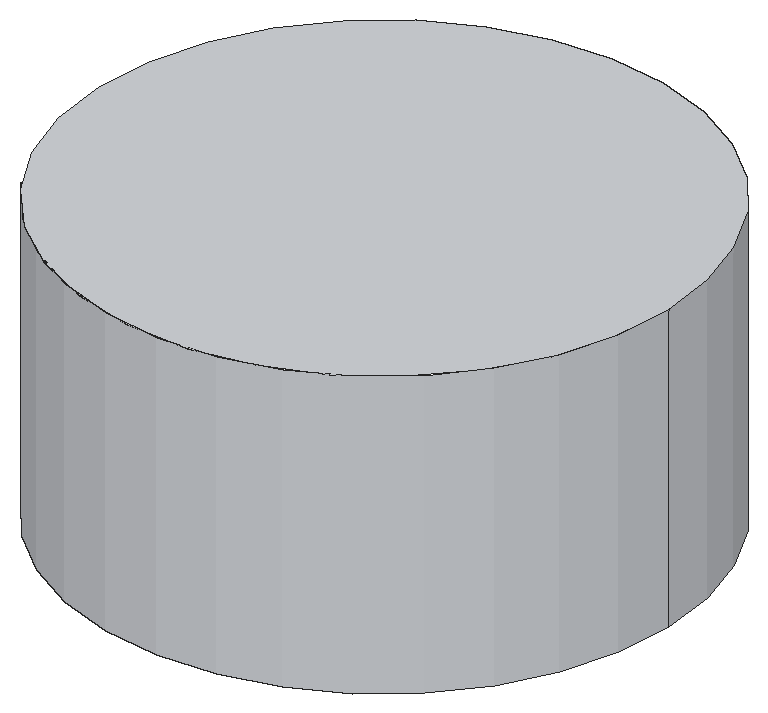
Revit family "ASF-16-C6", category Mechanical Equipment, Revit 2023
Family settings
  Round Connector Dimension = Use Diameter
  Classification = None
  Part Type = Normal
  OmniClass Number = 23.75.00.00
  OmniClass Title = Climate Control (HVAC)
  Work Plane-Based = No
  Always vertical = Yes
  Cut with Voids When Loaded = No
  Maintain Annotation Orientation = No
  Shared = No
  Room Calculation Point = No
Parameters (values of type "Standard")
  Default Elevation = 0' - 0"
  Connector_1_Diameter = 1' - 3 3/4"
Reference planes (in)
  plane 1 "Center (Front/Back)": y = 0
  plane 2: z = 0
  plane 3 "Center (Left/Right)": x = 0
Forms (in)
  Extrusion 1, solid
    sketch origin (0, 0, -15.55954) x (1, 0, 0) y (0, 1, 0)
      loop
        circle (0, 0) r 0.12
    from 0 to -0.12
Dimensions and locks (in)
  aligned and locked: plane 2 to level
Connectors (in)
  hvac at (0, 0, -15.55954), driven by "Connector_1_Diameter"
    settings: on Extrusion 1, index 1, duct flow 0 CFM, flow factor 0, pres drop 0.00 in-wg, loss coef 0, conn angle 0.00°, conn width 12", conn height 12", conn diameter 15 3/4", duct sys type 3, conn prof type 0, flow config 1, flow direction 1, loss method 0, conn ref index -1, conn util no, is conn primary yes, conn desc ""
